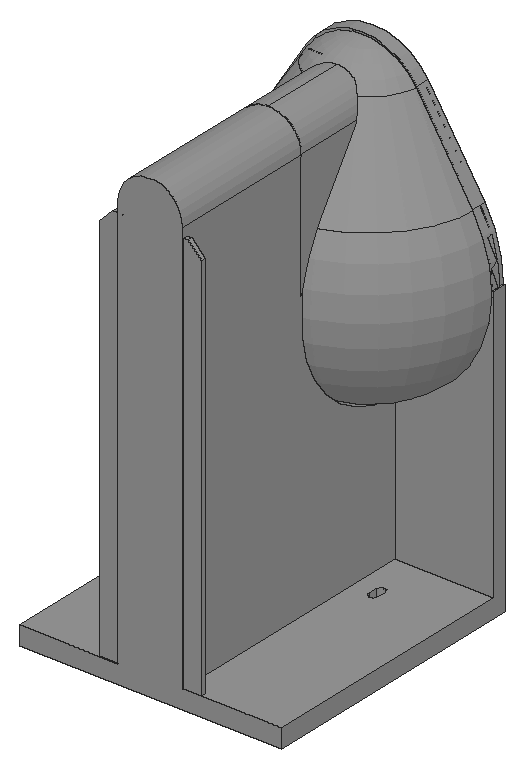
Revit family "Toilet-Willoughby-ASETW-1490-FM-FA-TS", category Plumbing Fixtures, Revit 2015
Parameters (values of type "Standard")
  Waste DIA = 2 3/8"
  Waste Connection = yes
  W-RAD [instance] = Waste DIA / 2  # 0' - 1 3/16"
  Vent Connection = no
  URL = "https://www.willoughby-ind.com"
  Type Comments = ""
  Revision = "A"
  Model = "ASETW-1490-FM-FA-TS"
  Manufacturer = "Willoughby Industries"
  HW Connection = no
  Flush inlet DIA = 1 1/2"
  Flush Inlet Connection = yes
  Fixture Body = Stainless Steel AISI 304-Willoughby
  F-RAD [instance] = Flush inlet DIA / 2  # 0' - 0 3/4"
  Description = "Ligature Resistant, Wall Outlet, Floor Mounted Blowout Toilet, Front Access, Top Spud"
  Default Elevation = 0' - 0"
  Contact Number = "(800) 428-4065"
  CW Connection = no
Reference planes (in)
  plane 1 "Base": y = -16.25
  plane 2: z = 0
  plane 3 "Center": x = 18.31072
  plane 4 "Waste height": y = -4.75
  plane 5 "Seat HGT": y = -1.25
  plane 6: y = -2.125
  plane 7: x = 16.56072
  plane 8: x = 20.06072
  plane 9: x = 13.81072
  plane 10: x = 22.81072
  plane 11: z = 2.70924
  plane 12: z = -3
  plane 13: z = 25
Forms (in)
  Extrusion 1, solid, material "Stainless Steel AISI 304-Willoughby" <- "Fixture Body"
    sketch origin (16.08109, 7.47968, -7.1422) x (-1, 0, 0) y (0, 0, -1)
      loop
        line (4.79769, -22.8922) -> (4.83287, -22.8922) -> (4.83287, -7.1422) -> (-9.29213, -7.1422) -> (-9.29213, -22.8922) -> (-9.20219, -22.8922)
        arc (-9.20219, -22.8922) -> (-8.94577, -24.74051) -> (-8.21015, -26.45542) r 7
        line (-8.21015, -26.45542) -> (-5.16818, -31.31054)
        arc (-5.16818, -31.31054) -> (-2.20225, -32.95225) -> (0.76368, -31.31054) r 3.5
        line (0.76368, -31.31054) -> (3.80565, -26.45542)
        arc (3.80565, -26.45542) -> (4.54128, -24.74051) -> (4.79769, -22.8922) r 7
      loop
        arc (2.03989, -24.70557) -> (-2.20225, -18.23804) -> (-6.44438, -24.70557) r 4.625
        line (-6.44438, -24.70557) -> (-4.04125, -30.23842)
        arc (-4.04125, -30.23842) -> (-2.20225, -31.45225) -> (-0.36324, -30.23842) r 2
        line (-0.36324, -30.23842) -> (2.03989, -24.70557)
    from 8.72968 to 9.5
  Revolve 2, solid, material "Stainless Steel AISI 304-Willoughby" <- "Fixture Body"
    sketch origin (19.37981, -1.52032, -3.93365) x (-1, 0, 0) y (0, 0, -1)
      loop
        line (1.06174, -12.59906) -> (1.06174, -12.84906)
        arc (1.06174, -12.84906) -> (6.96784, -16.33096) -> (6.78077, -23.18447) r 6.75
        line (6.78077, -23.18447) -> (5.22309, -25.66909)
        arc (5.22309, -25.66909) -> (3.40303, -27.84141) -> (1.06174, -29.43826) r 10.34445
        line (1.06174, -29.43826) -> (1.06174, -29.68826)
        arc (1.06174, -29.68826) -> (2.75672, -29.25045) -> (4.02767, -28.04656) r 3.5
        line (4.02767, -28.04656) -> (7.06964, -23.19143)
        arc (7.06964, -23.19143) -> (7.15052, -16.14555) -> (1.06174, -12.59906) r 7
      axis (1.06174, -12.59906) -> (1.06174, -29.68826)
    angle from 0 to -180
  Extrusion 3, solid, material "Stainless Steel AISI 304-Willoughby" <- "Fixture Body"
    sketch origin (19.53334, -3.02032, -4.9508) x (0, 1, 0) y (0, 0, 1)
      loop
        line (-5.27082, 4.9508) -> (1, 4.9508) -> (1, 13.80524)
        arc (1, 13.80524) -> (-3.15813, 15.45207) -> (-5.27082, 19.39398) r 6.50625
        line (-5.27082, 19.39398) -> (-5.27082, 4.9508)
    from 0.52738 to -2.97262
  Extrusion 4, solid, material "Stainless Steel AISI 304-Willoughby" <- "Fixture Body"
    sketch origin (0, 14.59309, 0) x (1, 0, 0) y (0, 1, 0)
      loop
        circle (18.31072, -19.34309) r 1.1875
    from 5.5 to -3
  Extrusion 5, solid, material "Stainless Steel AISI 304-Willoughby" <- "Fixture Body"
    sketch origin (0, 1.11185, 0) x (1, 0, 0) y (0, 0, 1)
      loop
        circle (18.31072, 2.70924) r 0.75
    from 2.36185 to 1.42435
  Extrusion 6, solid, material "Stainless Steel AISI 304-Willoughby" <- "Fixture Body"
    sketch origin (0, -16.25, 0) x (1, 0, 0) y (0, 0, 1)
      loop
        line (25.37322, 0) -> (25.37322, 1) -> (11.2834, 1) -> (11.2834, 0) -> (25.37322, 0)
    from -15 to 0
  Extrusion 7, solid, material "Stainless Steel AISI 304-Willoughby" <- "Fixture Body"
    sketch origin (0, -16.25, 0) x (1, 0, 0) y (0, 0, 1)
      loop
        line (20.06072, 0) -> (20.06072, 23.23467)
        arc (20.06072, 23.23467) -> (18.31072, 24.98467) -> (16.56072, 23.23467) r 1.75
        line (16.56072, 23.23467) -> (16.56072, 0) -> (20.06072, 0)
    from 0 to -7.95886
  Extrusion 8, solid, material "Stainless Steel AISI 304-Willoughby" <- "Fixture Body"
    sketch origin (18.31072, 0, 0) x (0, 1, 0) y (0, 0, 1)
      loop
        line (-8.30956, 24.98711) -> (-8.30956, 16.43945)
        arc (-8.30956, 16.43945) -> (-7.89398, 17.78452) -> (-7.26296, 19.04298) r 8.53534
        arc (-7.26296, 19.04298) -> (-5.96181, 21.12816) -> (-4.62752, 23.19229) r 153.87584
        arc (-4.62752, 23.19229) -> (-4.20813, 24.22574) -> (-3.39314, 24.98711) r 2.59068
        line (-3.39314, 24.98711) -> (-8.30956, 24.98711)
    from -1.75 to 1.75
  Extrusion 9, void
    sketch origin (0, -16.25, 0) x (1, 0, 0) y (0, 0, 1)
      loop
        arc (18.32244, 24.98711) -> (19.55159, 24.47797) -> (20.06072, 23.24882) r 1.73828
        line (20.06072, 23.24882) -> (20.06072, 24.98711) -> (18.32244, 24.98711)
    from -13.39931 to -7.72232
  Extrusion 10, void
    sketch origin (0, -16.25, 0) x (1, 0, 0) y (0, 0, 1)
      loop
        line (16.56072, 24.98711) -> (16.56072, 23.38793)
        arc (16.56072, 23.38793) -> (17.12541, 24.5271) -> (18.31072, 24.98711) r 1.75711
        line (18.31072, 24.98711) -> (16.56072, 24.98711)
    from -12.84157 to -7.94044
  Extrusion 11, void
    sketch origin (0, 0, 0) x (1, 0, 0) y (0, 1, 0)
      loop
        arc (21.06072, -5) -> (21.31072, -5.25) -> (21.56072, -5) r 0.25
        line (21.56072, -5) -> (21.56072, -4.5)
        arc (21.56072, -4.5) -> (21.31072, -4.25) -> (21.06072, -4.5) r 0.25
        line (21.06072, -4.5) -> (21.06072, -5)
      loop
        line (15.56072, -5) -> (15.56072, -4.5)
        arc (15.56072, -4.5) -> (15.31072, -4.25) -> (15.06072, -4.5) r 0.25
        line (15.06072, -4.5) -> (15.06072, -5)
        arc (15.06072, -5) -> (15.31072, -5.25) -> (15.56072, -5) r 0.25
    from 0 to 1.75
  Extrusion 12, solid, material "Stainless Steel AISI 304-Willoughby" <- "Fixture Body"
    sketch origin (18.31115, -16.25, 1) x (1, 0, 0) y (0, 0, 1)
      loop
        line (2.75, 0) -> (2.75, 20.9739) -> (1.99851, 21.72538) -> (-1.99937, 21.72538) -> (-2.75, 20.97475) -> (-2.75, 0) -> (2.75, 0)
    from 0 to -0.25
Cuts and joins
  Extrusion 11 cuts Extrusion 1
  Extrusion 11 cuts Extrusion 3
  Extrusion 11 cuts Extrusion 4
  Extrusion 11 cuts Extrusion 6
  Extrusion 11 cuts Extrusion 7
  joined: Extrusion 1, Extrusion 3, Extrusion 4, Extrusion 6, Extrusion 7
  Extrusion 9, Extrusion 10 cuts Extrusion 8
Lines and regions (in)
  symbolic lines
    curve 1: line (11.28334, -2.02032, 0) -> (11.28334, -1.25, 0)
    curve 2: line (11.28334, -1.25, 0) -> (25.28334, -1.25, 0)
    curve 3: line (25.28334, -1.25, 0) -> (25.28334, -2.02032, 0)
    curve 4: arc (25.28334, -2.02032, 0) -> (23.0776, -6.6446, 0) -> (18.31072, -8.52239, 0) r 6.98983
    curve 5: arc (18.31072, -8.52239, 0) -> (13.52369, -6.64758, 0) -> (11.28334, -2.02032, 0) r 7.04842
    curve 6: line (22.81072, -6.88104, 0) -> (22.81072, -16.25, 0)
    curve 7: line (22.81072, -16.25, 0) -> (13.81072, -16.25, 0)
    curve 8: line (13.81072, -16.25, 0) -> (13.81072, -6.89908, 0)
    curve 9: line (16.56072, -8.30173, 0) -> (16.56072, -16.25, 0)
    curve 10: line (20.06072, -8.29974, 0) -> (20.06072, -16.25, 0)
    curve 11: line (14.78334, -16.25, 9.65867) -> (14.78334, -16.25, 1)
    curve 12: line (14.78334, -16.25, 1) -> (13.81072, -16.25, 1)
    curve 13: line (13.81072, -16.25, 1) -> (13.81072, -16.25, 0)
    curve 14: line (13.81072, -16.25, 0) -> (22.81072, -16.25, 0)
    curve 15: line (22.81072, -16.25, 0) -> (22.81072, -16.25, 1)
    curve 16: line (22.81072, -16.25, 1) -> (21.81072, -16.25, 1)
    curve 17: line (21.81072, -16.25, 1) -> (21.81072, -16.25, 9.67456)
    curve 18: arc (21.81072, -16.25, 9.67456) -> (25.08799, -16.25, 13.93608) -> (24.32597, -16.25, 19.25778) r 6.9206
    curve 19: line (24.32597, -16.25, 19.25778) -> (21.24927, -16.25, 24.16835)
    curve 20: arc (21.24927, -16.25, 24.16835) -> (19.97832, -16.25, 25.37224) -> (18.28334, -16.25, 25.81005) r 3.5
    curve 21: arc (18.28334, -16.25, 25.81005) -> (16.58835, -16.25, 25.37224) -> (15.31741, -16.25, 24.16835) r 3.5
    curve 22: line (15.31741, -16.25, 24.16835) -> (12.35249, -16.25, 19.43905)
    curve 23: arc (12.35249, -16.25, 19.43905) -> (11.49002, -16.25, 14.03241) -> (14.78334, -16.25, 9.65867) r 7
    curve 29: line (18.31072, -8.4296, 16.67525) -> (18.31072, -16.25, 16.67525)
    curve 30: line (18.31072, -16.25, 16.67525) -> (18.31072, -16.25, 0)
    curve 31: line (18.31072, -16.25, 0) -> (18.31072, -1.25, 0)
    curve 32: line (18.31072, -1.25, 0) -> (18.31072, -1.25, 25.81005)
    curve 33: line (18.31072, -1.25, 25.81005) -> (18.31072, -2.02032, 25.81005)
    curve 34: arc (18.31072, -2.02032, 25.81005) -> (18.31072, -3.29152, 25.30605) -> (18.31072, -4.30177, 24.38445) r 3.79748
    curve 35: line (18.31072, -4.30177, 24.38445) -> (18.31072, -7.52822, 19.25778)
    curve 36: arc (18.31072, -7.52822, 19.25778) -> (18.31072, -8.12539, 18.01764) -> (18.31072, -8.4296, 16.67525) r 6.10578
    curve 37: arc (18.31072, -8.4296, 16.67525) -> (18.31072, -8.31403, 15.24489) -> (18.31072, -8.29114, 13.81005) r 22.19593
    curve 38: arc (18.31072, -8.29114, 13.81005) -> (18.31072, -5.95289, 10.31029) -> (18.31072, -2.02032, 8.81005) r 6.92744
    curve 39: line (18.31072, -1.25, 9.65867) -> (18.31072, -2.02032, 9.65867)
    curve 40: line (18.31072, -2.02032, 9.65867) -> (18.31072, -2.02032, 1)
    curve 41: line (18.31072, -2.02032, 1) -> (18.31072, -16.25, 1)
    curve 42: line (20.06072, -8.29974, 0) -> (20.06072, -4.61725, 0)
    curve 43: arc (20.06072, -4.61725, 0) -> (19.34995, -3.84312, 0) -> (18.31072, -3.68676, 0) r 1.57857
    curve 44: arc (18.31072, -3.68676, 0) -> (17.30223, -3.87691, 0) -> (16.56072, -4.5864, 0) r 1.8036
    curve 45: line (16.56072, -4.5864, 0) -> (16.56072, -8.30173, 0)
    curve 46: line (18.31072, -8.30956, 24.98711) -> (18.31072, -3.72908, 24.98711)
  symbolic lines, detail levels fine
    curve 24: arc (14.0412, -16.25, 17.56337) -> (18.28334, -16.25, 11.09585) -> (22.52547, -16.25, 17.56337) r 4.625
    curve 25: line (22.52547, -16.25, 17.56337) -> (20.12234, -16.25, 23.09622)
    curve 26: arc (20.12234, -16.25, 23.09622) -> (19.38317, -16.25, 23.97635) -> (18.28334, -16.25, 24.31005) r 2.01767
    curve 27: arc (18.28334, -16.25, 24.31005) -> (17.17969, -16.25, 23.98213) -> (16.44433, -16.25, 23.09622) r 1.9827
    curve 28: line (16.44433, -16.25, 23.09622) -> (14.0412, -16.25, 17.56337)
Dimensions and locks (in)
  locked: plane 1 "Base" to plane 4 "Waste height" at 11.5
  locked: plane 1 "Base" to plane 5 "Seat HGT" at 15
  plane 9 to plane 3 "Center" = 0' - 4 1/2"
  plane 9 to plane 10 = 0' - 9"
  plane 13 to level = 2' - 1"
  "W-RAD": radius of Extrusion 4 sketch curve
  "F-RAD": radius of Extrusion 5 sketch curve
  aligned and locked: plane 3 "Center" to Extrusion 4 sketch curve
  aligned and locked: plane 4 "Waste height" to Extrusion 4 sketch curve
  aligned and locked: plane 3 "Center" to Extrusion 5 sketch curve
  aligned and locked: plane 11 to Extrusion 5 sketch curve
  aligned and locked: Extrusion 1 to Revolve 2
  aligned and locked: cut or joined group of Extrusion 1, Extrusion 3, Extrusion 4, Extrusion 6, Extrusion 7, Extrusion 11 to Extrusion 1
Automatic sketch dimensions
  curve 20 to curve 21 = 0' - 0"  (x2)
  curve 23 to curve 24 = 0' - 0"  (x2)
  curve 14 to level = 0' - 0"
  curve 14 to plane 9 = 0' - 0"
  curve 15 to plane 10 = 0' - 0"
  curve 22 to plane 9 = 0' - 1.45823"
  plane 9 to curve 28 = 0' - 0 59/256"
  curve 12 to curve 11 = 0' - 0.97262"
  curve 22 to plane 7 = 0' - 1.24331"
  curve 28 to plane 7 = 0' - 0.11639"
  curve 26 to plane 3 "Center" = 0' - 0.03902"
  curve 26 to curve 27 = 0' - 0.0002"
  curve 24 to plane 3 "Center" = 0' - 0.02738"
  curve 27 to curve 21 = 0' - 0.01144"
  plane 3 "Center" to curve 18 = 0' - 0.08339"
  plane 8 to curve 25 = 0' - 0.06162"
  curve 19 to plane 13 = 0' - 0.83165"
  plane 8 to curve 19 = 0' - 1.18855"
  curve 17 to plane 10 = 0' - 1"
  curve 25 to plane 10 = 0' - 0.28525"
  plane 10 to curve 19 = 0' - 1.51526"
  level to curve 12 = 0' - 1"
  level to curve 16 = 0' - 1"
  plane 11 to curve 11 = 0' - 6.94943"
  plane 11 to curve 17 = 0' - 6.96532"
  curve 17 to curve 18 = 0' - 6.01843"
  curve 18 to curve 24 = 0' - 0.02786"
  curve 25 to curve 18 = 0' - 1.6944"
  curve 26 to plane 13 = 0' - 2.70758"
  curve 26 to curve 20 = 0' - 0.01763"
  curve 20 to curve 27 = 0' - 0.01733"
  curve 28 to curve 22 = 0' - 1.07212"
  curve 25 to curve 19 = 0' - 1.07212"
  Extrusion 3 sketch curve to level = 0' - 0"
  plane 4 "Waste height" to Extrusion 3 sketch curve = 0' - 3.54114"
  plane 6 to Extrusion 3 sketch curve = 0' - 0.10468"
  plane 6 to Extrusion 3 sketch curve = 0' - 0.27542"
  plane 11 to Extrusion 3 sketch curve = 0' - 6.1452"
  Extrusion 3 sketch curve to Extrusion 3 sketch curve = 0' - 5.58874"
  Extrusion 6 sketch curve to level = 0' - 0"
  Extrusion 6 sketch curve to plane 9 = 0' - 2.52732"
  plane 10 to Extrusion 6 sketch curve = 0' - 2 9/16"
  level to Extrusion 6 sketch curve = 0' - 1"
  Extrusion 7 sketch curve to level = 0' - 0"
  Extrusion 7 sketch curve to plane 7 = 0' - 0"
  Extrusion 7 sketch curve to plane 3 "Center" = 0' - 0"
  Extrusion 7 sketch curve to plane 13 = 0' - 1.76533"
  Extrusion 8 sketch curve to plane 13 = 0' - 0.01289"
  plane 4 "Waste height" to Extrusion 8 sketch curve = 0' - 3.55956"
  Extrusion 8 sketch curve to plane 6 = 0' - 1.26814"
  plane 6 to Extrusion 8 sketch curve = 0' - 0.05145"
  Extrusion 8 sketch curve to plane 5 "Seat HGT" = 0' - 1.27544"
  Extrusion 8 sketch curve to plane 12 = 4' - 10.37203"
  Extrusion 8 sketch curve to plane 5 "Seat HGT" = 10' - 5.1785"
  Extrusion 8 sketch curve to plane 13 = 0' - 10.39901"
  Extrusion 8 sketch curve to Extrusion 8 sketch curve = 0' - 8.54766"
  Extrusion 8 sketch curve to plane 13 = 0' - 2.24231"
  plane 4 "Waste height" to Extrusion 8 sketch curve = 0' - 2.51296"
  Extrusion 9 sketch curve to plane 8 = 0' - 0"
  plane 3 "Center" to Extrusion 9 sketch curve = 0' - 0 3/256"
  Extrusion 9 sketch curve to plane 13 = 0' - 1.75118"
  Revolve 2 sketch curve to Revolve 2 sketch curve = 0' - 0"  (x2)
  plane 10 to Revolve 2 sketch curve = 0' - 0.11048"
  plane 3 "Center" to Revolve 2 sketch curve = 0' - 0.00736"  (x3)
  Revolve 2 sketch curve to plane 13 = 0' - 0.88709"
  Revolve 2 sketch curve to plane 7 = 0' - 1.20857"
  plane 9 to Revolve 2 sketch curve = 0' - 0.346"
  Revolve 2 sketch curve to plane 9 = 0' - 1.21168"
  Revolve 2 sketch curve to Revolve 2 sketch curve = 0' - 0.28887"
  plane 13 to Revolve 2 sketch curve = 0' - 0.50461"
  Revolve 2 sketch curve to Revolve 2 sketch curve = 0' - 0 1/4"
  Revolve 2 sketch curve to Revolve 2 sketch curve = 0' - 2.37746"
  Revolve 2 sketch curve to Revolve 2 sketch curve = 0' - 2.47766"
  Revolve 2 sketch curve to Revolve 2 sketch curve = 0' - 0.00696"
  Revolve 2 sketch curve to Revolve 2 sketch curve = 0' - 0.57536"
  Revolve 2 sketch curve to Revolve 2 sketch curve = 0' - 3 1/4"
  Revolve 2 sketch curve to Revolve 2 sketch curve = 0' - 2.4108"
  Extrusion 10 sketch curve to plane 7 = 0' - 0"
  Extrusion 10 sketch curve to plane 3 "Center" = 0' - 0"
  Extrusion 10 sketch curve to plane 13 = 0' - 0.01289"
  Extrusion 10 sketch curve to Extrusion 10 sketch curve = 0' - 1.59918"
  plane 5 "Seat HGT" to curve 1 = 0' - 0"
  plane 1 "Base" to curve 7 = 0' - 0"
  curve 7 to plane 9 = 0' - 0"
  curve 9 to plane 7 = 0' - 0"
  curve 4 to plane 3 "Center" = 0' - 0"
  curve 44 to plane 3 "Center" = 0' - 0"
  curve 10 to plane 8 = 0' - 0"
  curve 43 to plane 8 = 0' - 0"
  curve 6 to plane 10 = 0' - 0"
  curve 5 to plane 3 "Center" = 0' - 0"
  plane 6 to curve 1 = 0' - 0.10468"
  curve 1 to plane 9 = 0' - 2.52738"
  curve 44 to plane 3 "Center" = 0' - 0.18388"
  curve 5 to plane 3 "Center" = 0' - 0.00017"
  plane 3 "Center" to curve 43 = 0' - 0.29814"
  plane 10 to curve 3 = 0' - 2.47262"
  plane 4 "Waste height" to curve 44 = 0' - 0.73096"
  plane 4 "Waste height" to curve 43 = 0' - 0.48692"
  curve 42 to plane 4 "Waste height" = 0' - 0.13275"
  plane 6 to curve 3 = 0' - 0.10468"
  plane 5 "Seat HGT" to curve 4 = 0' - 0.28257"
  curve 45 to curve 9 = 0' - 0"
  curve 30 to plane 1 "Base" = 0' - 0"
  curve 33 to plane 5 "Seat HGT" = 0' - 0"
  curve 32 to level = 0' - 0"
  plane 1 "Base" to curve 37 = 1' - 2.23409"
  plane 4 "Waste height" to curve 29 = 0' - 3.6796"
  curve 36 to curve 35 = 0' - 0.90137"
  curve 35 to plane 4 "Waste height" = 0' - 0.44823"
  curve 36 to plane 6 = 0' - 0.23566"
  plane 6 to curve 33 = 0' - 0.10468"
  plane 6 to curve 40 = 0' - 0.10468"
  plane 5 "Seat HGT" to curve 38 = 0' - 0.38413"
  plane 5 "Seat HGT" to curve 34 = 0' - 0.02916"
  level to curve 40 = 0' - 1"
  plane 11 to curve 39 = 0' - 6.94943"
  curve 37 to plane 13 = 0' - 10.82646"
  curve 39 to curve 38 = 0' - 6.06805"
  curve 38 to curve 36 = 0' - 0.27887"
  curve 29 to plane 13 = 0' - 8.32475"
  curve 35 to plane 13 = 0' - 0.61555"
  curve 46 to plane 13 = 0' - 0.01289"
  plane 4 "Waste height" to curve 46 = 0' - 3.55956"
  curve 37 to curve 38 = 0' - 0.13846"
  curve 34 to curve 46 = 0' - 0.57268"
  Extrusion 1 sketch curve to Extrusion 1 sketch curve = 0' - 0"  (x6)
  Extrusion 1 sketch curve to level = 0' - 0"
  plane 10 to Extrusion 1 sketch curve = 0' - 2 9/16"
  Extrusion 1 sketch curve to Extrusion 1 sketch curve = 0' - 0.08994"
  plane 10 to Extrusion 1 sketch curve = 0' - 1.48052"
  Extrusion 1 sketch curve to plane 10 = 0' - 0.28525"
  plane 8 to Extrusion 1 sketch curve = 0' - 1.18855"
  plane 8 to Extrusion 1 sketch curve = 0' - 0.06162"
  Extrusion 1 sketch curve to plane 3 "Center" = 0' - 0.02738"  (x2)
  Extrusion 1 sketch curve to plane 7 = 0' - 0.11639"
  Extrusion 1 sketch curve to plane 13 = 0' - 0.83165"
  Extrusion 1 sketch curve to plane 7 = 0' - 1.24331"
  plane 9 to Extrusion 1 sketch curve = 0' - 0 59/256"
  Extrusion 1 sketch curve to plane 9 = 0' - 1.53528"
  Extrusion 1 sketch curve to plane 9 = 0' - 2.52732"
  Extrusion 1 sketch curve to Extrusion 1 sketch curve = 0' - 0.03518"
  Extrusion 1 sketch curve to Extrusion 1 sketch curve = 0' - 1.07212"
  Extrusion 1 sketch curve to Extrusion 1 sketch curve = 0' - 0.78617"
  Extrusion 1 sketch curve to Extrusion 1 sketch curve = 0' - 3.783"  (x2)
  Extrusion 1 sketch curve to Extrusion 1 sketch curve = 0' - 1.74985"
  Extrusion 1 sketch curve to Extrusion 1 sketch curve = 0' - 1.81337"
  Extrusion 11 sketch curve to plane 4 "Waste height" = 0' - 0 1/4"  (x2)
  plane 9 to Extrusion 11 sketch curve = 0' - 1 1/4"
  Extrusion 11 sketch curve to Extrusion 11 sketch curve = 0' - 0 1/4"  (x2)
  plane 8 to Extrusion 11 sketch curve = 0' - 1"
  plane 4 "Waste height" to Extrusion 11 sketch curve = 0' - 0 1/4"  (x2)
  plane 9 to Extrusion 12 sketch curve = 0' - 1.75043"
  Extrusion 12 sketch curve to Extrusion 12 sketch curve = 0' - 0.75063"
  Extrusion 12 sketch curve to Extrusion 12 sketch curve = 0' - 3.99788"
  Extrusion 12 sketch curve to Extrusion 12 sketch curve = 0' - 0.75149"  (x2)
  plane 12 to Extrusion 12 sketch curve = 0' - 4"
  Extrusion 12 sketch curve to plane 13 = 0' - 3.0261"
  Extrusion 12 sketch curve to Extrusion 12 sketch curve = 0' - 0.00085"
Connectors (in)
  piping at (18.31072, -4.75, -3), diameter 2.375, driven by "W-RAD", driven by "Waste Connection"
    settings: on Extrusion 4, index 1, connector inside diameter 2 1/2", connector length 0' - 0", flow factor 0, pipe flow 0 GPM, pressure drop 0.00 psi, fitting loss kfactor 0, connector angle 0.00°, fixture units 0, engagement length 0' - 0", angle of deflection 0.00°, flow configuration 0, flow direction 2, fitting loss method 0, system type 16, joint type 0, gender type 0, connector reference index -1, connector utility 1, adjustable connector yes, is connector primary yes, connector description "Toilet Waste"
  piping at (18.31072, -0.3125, 2.70924), diameter 1.5, driven by "F-RAD", driven by "Flush Inlet Connection"
    settings: on Extrusion 5, index 2, connector inside diameter 1 1/2", connector length 0' - 0", flow factor 0, pipe flow 0 GPM, pressure drop 0.00 psi, fitting loss kfactor 0, connector angle 0.00°, fixture units 0, engagement length 0' - 0", angle of deflection 0.00°, flow configuration 0, flow direction 1, fitting loss method 0, system type 20, joint type 0, gender type 0, connector reference index -1, connector utility 1, adjustable connector no, is connector primary no, connector description "Flush Inlet"
